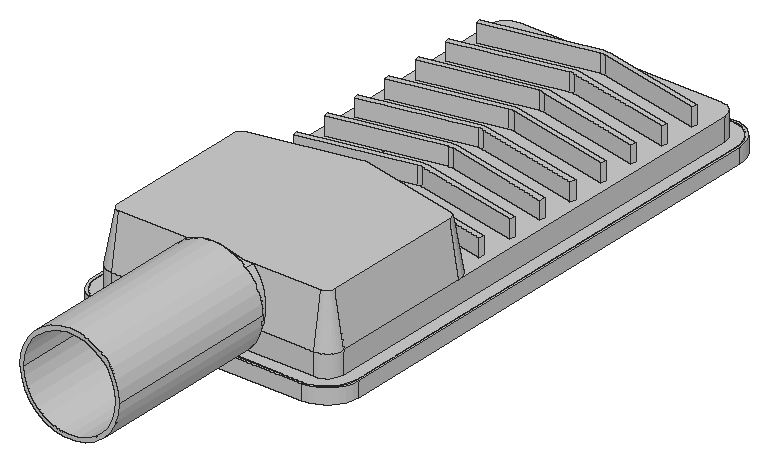
Revit family "NNYC2006188", category 照明器具, Revit 2018
Family settings
  丸型コネクタ寸法 = 直径を使用
  パーツ タイプ = 標準
  OmniClass 番号 = 23.80.70.00
  OmniClass タイトル = Lighting
  作業面ベース = はい
  常に垂直 = いいえ
  ロード時にボイドで切り取り = いいえ
  光源 = はい
  共有 = いいえ
  部屋計算ポイント = いいえ
Parameters (values of type "NNYC2006188")
  built-in parameter 1150110 = 1 (stored number, unit not read)
  長方形の長さに沿って放射 = 52 mm
  長方形の幅に沿って放射 = 154 mm
  built-in parameter 1150133 = 10 (stored number, unit not read)
  Dimming Lamp Color Temperature Shift = (empty or 0)
  説明 = "NNYC2006188"
  製造元 = "Panasonic Corp."
  built-in parameter 1150104 = 13.8 (stored number, unit not read)
  built-in parameter 1150115 = 1 (stored number, unit not read)
  built-in parameter 1150137 = 1
  built-in parameter 1150106 = 27.151 (stored number, unit not read)
  built-in parameter 1150134 = (empty or 0)
  built-in parameter 1150109 = 1 (stored number, unit not read)
  Default Elevation = 0 mm
  built-in parameter 1114218 = 1 (stored number, unit not read)
  built-in parameter 1114217 = 1 (stored number, unit not read)
  built-in parameter 1150102 = (empty or 0)
  built-in parameter 1150107 = 5700 (stored number, unit not read)
  built-in parameter 1150138 = (empty or 0)
  built-in parameter 1150132 = 2
  Lumens = 3750 lm
  built-in parameter 1150105 = 2715.1 (stored number, unit not read)
  Tilt Angle = 90.00°
  built-in parameter 1150139 = (empty or 0)
  Cost = 63000
  Wattage = 25.2454 W
  Emit Shape Visible in Rendering = no
  built-in parameter 1150112 = 1 (stored number, unit not read)
  built-in parameter 1150114 = 1 (stored number, unit not read)
  Lamp = ""
  モデル = "LED Street Light SP series"
  フォトメトリック Web ファイル = "NNYC2006188.ies"
  タイプの説明 = "Street Light"
  Type Image = (empty or 0)
  built-in parameter 1150113 = 1 (stored number, unit not read)
  Color Filter = 16777215
  Voltage = 230 V
  Width = 0 mm
  URL = "https://panasonic.net/electricworks/lighting/"
  Light Source = Light Source
  Height = 0 mm
  Length = 0 mm
  Body = ADC12
Reference planes
  plane 1 "Light Source Axis (F/B)": y = 0
  plane 2: z = 0
  plane 3 "Light Source Axis (L/R)": x = 0
  plane 4 "Light Source Elevation": z = 0
  plane 5: z = 21
  plane 6: y = 156
Forms (mm)
  Extrusion 1, solid, material "ADC12" <- "Body"
    sketch origin (0, 0, 0) x (1, 0, 0) y (0, 0, 1)
      loop
        circle (0, 0) r 26
      loop
        circle (0, 0) r 28.2
    from -101 to 0
  Extrusion 2, solid, material "ADC12" <- "Body"
    sketch origin (0, 0, 0) x (1, 0, 0) y (0, 1, 0)
      loop
        line (-57.025, 92.5) -> (57.025, 92.5)
        arc (57.025, 92.5) -> (69.735, 97.765) -> (75, 110.475) r 17.975
        line (75, 110.475) -> (75, 379.484)
        arc (75, 379.484) -> (69.735, 392.195) -> (57.025, 397.46) r 17.975
        line (57.025, 397.46) -> (-57.025, 397.46)
        arc (-57.025, 397.46) -> (-69.735, 392.195) -> (-75, 379.484) r 17.975
        line (-75, 379.484) -> (-75, 110.475)
        arc (-75, 110.475) -> (-69.735, 97.765) -> (-57.025, 92.5) r 17.975
      loop
        line (-57.025, 94) -> (57.025, 94)
        arc (57.025, 94) -> (68.674, 98.826) -> (73.5, 110.475) r 16.475
        line (73.5, 110.475) -> (73.5, 379.484)
        arc (73.5, 379.484) -> (68.674, 391.134) -> (57.025, 395.96) r 16.475
        line (57.025, 395.96) -> (-57.025, 395.96)
        arc (-57.025, 395.96) -> (-68.674, 391.134) -> (-73.5, 379.484) r 16.475
        line (-73.5, 379.484) -> (-73.5, 110.475)
        arc (-73.5, 110.475) -> (-68.674, 98.826) -> (-57.025, 94) r 16.475
    from -29 to -20.5
  Extrusion 3, solid, material "ADC12" <- "Body"
    sketch origin (0, 0, 0) x (1, 0, 0) y (0, 1, 0)
      loop
        line (-57.025, 94) -> (57.025, 94)
        arc (57.025, 94) -> (68.674, 98.826) -> (73.5, 110.475) r 16.475
        line (73.5, 110.475) -> (73.5, 379.484)
        arc (73.5, 379.484) -> (68.674, 391.134) -> (57.025, 395.96) r 16.475
        line (57.025, 395.96) -> (-57.025, 395.96)
        arc (-57.025, 395.96) -> (-68.674, 391.134) -> (-73.5, 379.484) r 16.475
        line (-73.5, 379.484) -> (-73.5, 110.475)
        arc (-73.5, 110.475) -> (-68.674, 98.826) -> (-57.025, 94) r 16.475
      loop
        line (-44.985, 369.596) -> (-44.985, 212.404)
        arc (-44.985, 212.404) -> (-42.663, 206.798) -> (-37.057, 204.476) r 7.928
        line (-37.057, 204.476) -> (37.057, 204.476)
        arc (37.057, 204.476) -> (42.663, 206.798) -> (44.985, 212.404) r 7.928
        line (44.985, 212.404) -> (44.985, 369.596)
        arc (44.985, 369.596) -> (42.663, 375.202) -> (37.057, 377.524) r 7.928
        line (37.057, 377.524) -> (-37.057, 377.524)
        arc (-37.057, 377.524) -> (-42.663, 375.202) -> (-44.985, 369.596) r 7.928
    from -29 to -20.5
  Extrusion 4, solid, material "Light Source" <- "Light Source"
    sketch origin (0, 0, 0) x (1, 0, 0) y (0, 1, 0)
      loop
        arc (26, 366) -> (25.414, 367.414) -> (24, 368) r 2
        line (24, 368) -> (-24, 368)
        arc (-24, 368) -> (-25.414, 367.414) -> (-26, 366) r 2
        line (-26, 366) -> (-26, 216)
        arc (-26, 216) -> (-25.414, 214.586) -> (-24, 214) r 2
        line (-24, 214) -> (24, 214)
        arc (24, 214) -> (25.414, 214.586) -> (26, 216) r 2
        line (26, 216) -> (26, 366)
    from -12.8 to -11.8
  Extrusion 5, solid, material "ADC12" <- "Body"
    sketch origin (0, 0, 0) x (1, 0, 0) y (0, 1, 0)
      loop
        line (-57.025, 101) -> (57.025, 101)
        arc (57.025, 101) -> (63.725, 103.775) -> (66.5, 110.475) r 9.475
        line (66.5, 110.475) -> (66.5, 379.484)
        arc (66.5, 379.484) -> (63.725, 386.184) -> (57.025, 388.96) r 9.475
        line (57.025, 388.96) -> (-57.025, 388.96)
        arc (-57.025, 388.96) -> (-63.725, 386.184) -> (-66.5, 379.484) r 9.475
        line (-66.5, 379.484) -> (-66.5, 110.475)
        arc (-66.5, 110.475) -> (-63.725, 103.775) -> (-57.025, 101) r 9.475
    from -20.5 to -8
  Blend 6, solid, material "ADC12" <- "Body"
    base sketch origin (0, 0, 0) x (1, 0, 0) y (0, 1, 0)
      loop
        line (58.579, 201.549) -> (2.079, 213.558)
        arc (2.079, 213.558) -> (0, 213.777) -> (-2.079, 213.558) r 10
        line (-2.079, 213.558) -> (-58.579, 201.549)
        arc (-58.579, 201.549) -> (-64.271, 198.06) -> (-66.5, 191.767) r 10
        line (-66.5, 191.767) -> (-66.5, 110.475)
        arc (-66.5, 110.475) -> (-63.725, 103.775) -> (-57.025, 101) r 9.475
        line (-57.025, 101) -> (57.025, 101)
        arc (57.025, 101) -> (63.725, 103.775) -> (66.5, 110.475) r 9.475
        line (66.5, 110.475) -> (66.5, 191.767)
        arc (66.5, 191.767) -> (64.271, 198.06) -> (58.579, 201.549) r 10
    top sketch origin (0, 0, 0) x (1, 0, 0) y (0, 1, 0)
      loop
        line (-1.04, 208.667) -> (-57.54, 196.658)
        arc (-57.54, 196.658) -> (-60.386, 194.914) -> (-61.5, 191.767) r 5
        line (-61.5, 191.767) -> (-61.5, 110.475)
        arc (-61.5, 110.475) -> (-60.189, 107.311) -> (-57.025, 106) r 4.475
        line (-57.025, 106) -> (57.025, 106)
        arc (57.025, 106) -> (60.189, 107.311) -> (61.5, 110.475) r 4.475
        line (61.5, 110.475) -> (61.5, 191.767)
        arc (61.5, 191.767) -> (60.386, 194.914) -> (57.54, 196.658) r 5
        line (57.54, 196.658) -> (1.04, 208.667)
        arc (1.04, 208.667) -> (0, 208.777) -> (-1.04, 208.667) r 5
    from -8 to 21
  Blend 7, void
    base sketch origin (0, 0, 0) x (1, 0, 0) y (0, 1, 0)
      loop
        line (-44.985, 369.596) -> (-44.985, 212.404)
        arc (-44.985, 212.404) -> (-42.663, 206.798) -> (-37.057, 204.476) r 7.928
        line (-37.057, 204.476) -> (37.057, 204.476)
        arc (37.057, 204.476) -> (42.663, 206.798) -> (44.985, 212.404) r 7.928
        line (44.985, 212.404) -> (44.985, 369.596)
        arc (44.985, 369.596) -> (42.663, 375.202) -> (37.057, 377.524) r 7.928
        line (37.057, 377.524) -> (-37.057, 377.524)
        arc (-37.057, 377.524) -> (-42.663, 375.202) -> (-44.985, 369.596) r 7.928
    top sketch origin (0, 0, 0) x (1, 0, 0) y (0, 1, 0)
      loop
        line (-36.985, 364.524) -> (-36.985, 217.476)
        arc (-36.985, 217.476) -> (-35.52, 213.94) -> (-31.985, 212.476) r 5
        line (-31.985, 212.476) -> (31.985, 212.476)
        arc (31.985, 212.476) -> (35.52, 213.94) -> (36.985, 217.476) r 5
        line (36.985, 217.476) -> (36.985, 364.524)
        arc (36.985, 364.524) -> (35.52, 368.06) -> (31.985, 369.524) r 5
        line (31.985, 369.524) -> (-31.985, 369.524)
        arc (-31.985, 369.524) -> (-35.52, 368.06) -> (-36.985, 364.524) r 5
    from -20.5 to -12.8
  Extrusion 8, void
    sketch origin (0, 0, 0) x (1, 0, 0) y (0, 1, 0)
      loop
        arc (26, 366) -> (25.414, 367.414) -> (24, 368) r 2
        line (24, 368) -> (-24, 368)
        arc (-24, 368) -> (-25.414, 367.414) -> (-26, 366) r 2
        line (-26, 366) -> (-26, 216)
        arc (-26, 216) -> (-25.414, 214.586) -> (-24, 214) r 2
        line (-24, 214) -> (24, 214)
        arc (24, 214) -> (25.414, 214.586) -> (26, 216) r 2
        line (26, 216) -> (26, 366)
    from -12.8 to -11.8
  Extrusion 9, solid, material "ADC12" <- "Body"
    sketch origin (0, 0, 0) x (1, 0, 0) y (0, 1, 0)
      loop
        line (-2.079, 228.446) -> (-61.5, 215.816) -> (-60.876, 212.882) -> (-1.455, 225.512)
        arc (-1.455, 225.512) -> (0, 225.665) -> (1.455, 225.512) r 7
        line (1.455, 225.512) -> (60.876, 212.882) -> (61.5, 215.816) -> (2.079, 228.446)
        arc (2.079, 228.446) -> (0, 228.665) -> (-2.079, 228.446) r 10
      loop
        line (-2.079, 249.946) -> (-61.5, 237.316) -> (-60.876, 234.382) -> (-1.455, 247.012)
        arc (-1.455, 247.012) -> (0, 247.165) -> (1.455, 247.012) r 7
        line (1.455, 247.012) -> (60.876, 234.382) -> (61.5, 237.316) -> (2.079, 249.946)
        arc (2.079, 249.946) -> (0, 250.165) -> (-2.079, 249.946) r 10
      loop
        line (-2.079, 271.446) -> (-61.5, 258.816) -> (-60.876, 255.882) -> (-1.455, 268.512)
        arc (-1.455, 268.512) -> (0, 268.665) -> (1.455, 268.512) r 7
        line (1.455, 268.512) -> (60.876, 255.882) -> (61.5, 258.816) -> (2.079, 271.446)
        arc (2.079, 271.446) -> (0, 271.665) -> (-2.079, 271.446) r 10
      loop
        line (-2.079, 292.946) -> (-61.5, 280.316) -> (-60.876, 277.382) -> (-1.455, 290.012)
        arc (-1.455, 290.012) -> (0, 290.165) -> (1.455, 290.012) r 7
        line (1.455, 290.012) -> (60.876, 277.382) -> (61.5, 280.316) -> (2.079, 292.946)
        arc (2.079, 292.946) -> (0, 293.165) -> (-2.079, 292.946) r 10
      loop
        line (-2.079, 314.446) -> (-61.5, 301.816) -> (-60.876, 298.882) -> (-1.455, 311.512)
        arc (-1.455, 311.512) -> (0, 311.665) -> (1.455, 311.512) r 7
        line (1.455, 311.512) -> (60.876, 298.882) -> (61.5, 301.816) -> (2.079, 314.446)
        arc (2.079, 314.446) -> (0, 314.665) -> (-2.079, 314.446) r 10
      loop
        line (-2.079, 335.946) -> (-61.5, 323.316) -> (-60.876, 320.382) -> (-1.455, 333.012)
        arc (-1.455, 333.012) -> (0, 333.165) -> (1.455, 333.012) r 7
        line (1.455, 333.012) -> (60.876, 320.382) -> (61.5, 323.316) -> (2.079, 335.946)
        arc (2.079, 335.946) -> (0, 336.165) -> (-2.079, 335.946) r 10
      loop
        line (-2.079, 357.446) -> (-61.5, 344.816) -> (-60.876, 341.882) -> (-1.455, 354.512)
        arc (-1.455, 354.512) -> (0, 354.665) -> (1.455, 354.512) r 7
        line (1.455, 354.512) -> (60.876, 341.882) -> (61.5, 344.816) -> (2.079, 357.446)
        arc (2.079, 357.446) -> (0, 357.665) -> (-2.079, 357.446) r 10
      loop
        line (-2.079, 378.946) -> (-61.5, 366.316) -> (-60.876, 363.382) -> (-1.455, 376.012)
        arc (-1.455, 376.012) -> (0, 376.165) -> (1.455, 376.012) r 7
        line (1.455, 376.012) -> (60.876, 363.382) -> (61.5, 366.316) -> (2.079, 378.946)
        arc (2.079, 378.946) -> (0, 379.165) -> (-2.079, 378.946) r 10
    from -8 to 2
  Blend 10, solid, material "ADC12" <- "Body"
    base sketch origin (0, 0, 0) x (1, 0, 0) y (0, 0, 1)
      loop
        arc (-18.821, 21) -> (0, -28.2) -> (18.821, 21) r 28.2
        arc (18.821, 21) -> (0, 28.2) -> (-18.821, 21) r 28.2
    top sketch origin (0, 0, 0) x (1, 0, 0) y (0, 0, 1)
      loop
        arc (-18.821, 21) -> (0, -28.2) -> (18.821, 21) r 28.2
        line (18.821, 21) -> (-18.821, 21)
    from -101 to -106
Cuts and joins
  Blend 7, Extrusion 8 cuts Extrusion 5
  joined: Extrusion 1, Extrusion 3, Extrusion 5, Blend 6, Extrusion 9
Dimensions and locks
  aligned and locked: level to plane 2
Connectors
  electrical at (0, 156, 21)
    settings: on plane 5, index 1, voltage 0 V, apparent load 0 VA, apparent load phase1 0 VA, apparent load phase2 0 VA, apparent load phase3 0 VA, power factor 1, load classification "Other", number of poles 1, system type 30, power factor state 1, is connector primary yes, connector utility no, sub classification motor no, connector description ""
